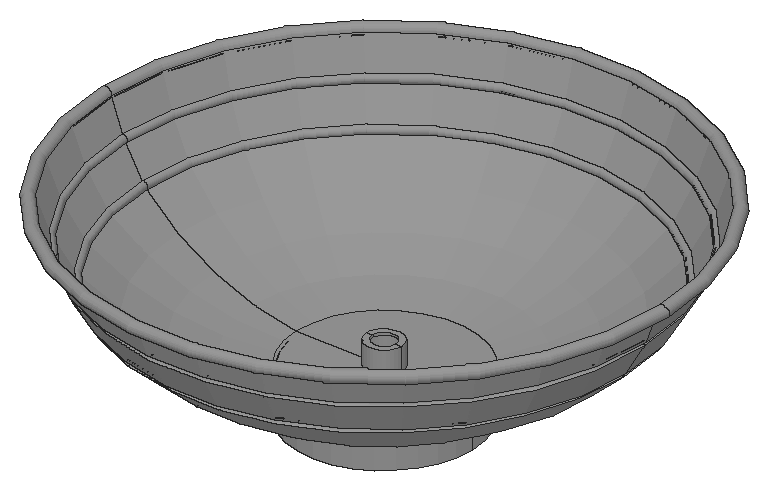
Revit family "L-FUC_식재대_YP-203B_예건", category 일반 모델, Revit 2021
Family settings
  보강 철근 호스트 가능 = 아니오
  원형 커넥터 치수 = 지름 사용
  부품 유형 = 보통
  작업 기준면 기반 = 아니오
  항상 수직 = 예
  로드될 때 보이드를 사용하여 절단 = 아니오
  공유 = 아니오
  룸 계산 점 = 아니오
Parameters
  한국산업규격KS = ""
  조달청표준공사코드-세부공종 = ""
  기본 입면도 = 0 mm
  건설정보분류체계-부위분류 = "E988"
  LIM_INFO_주의사항 = "재배포, 재가공, 판매 금지"
  LIM_INFO_제품업체 = "예건"
  LIM_INFO_제품번호 = "YF-16"
  LIM_INFO_제품명 = "펜스_YF-16"
  LIM_INFO_제작일 = "20230315"
  LIM_INFO_재료 = "Hardwood, STL-pipe, STL-plate"
  LIM_INFO_업체정보 = ""
  LIM_INFO_업체URL = "https://yekun.com/"
  LIM_INFO_업체TEL = "(+82)31-943-6114"
  LIM_INFO_업체EMAIL = "yekun@yekun.com"
  LIM_INFO_버전 = "2023_V01"
  LIM_INFO_기타정보 = ""
  LIM_INFO_규격 = "W2000 x H1800"
  LIM_INFO_가격 = 0
  LIM_INFO_PV_포장재여부 = yes
  LIM_INFO_PV_면적 = 0.00 m²
  KBIMS_식별-버전 = ""
  KBIMS_식별-bSK등록번호 = ""
  KBIMS_보급정보-저작자 = "림인포테크_MMJ"
  KBIMS_보급정보-보급코드 = ""
Reference planes
  plane 1 "중심(앞/뒤)": y = 0
  plane 2: z = 0
  plane 3 "중심(왼쪽/오른쪽)": x = 0
Dimensions and locks
  aligned and locked: level to plane 2
Nested families
  nested 1: "YP-203B_base" at (0, 0, 0), type "YP-203B_base"
Definition of nested family "YP-203B_base"
  Parameters (values of type "YP-203B_base")
    Default Elevation = 0 mm
  Reference planes
    plane 1 "중심(앞/뒤)": y = 0
    plane 2: z = 0
    plane 3 "중심(왼쪽/오른쪽)": x = 0
  Forms (mm)
    Revolve 1, solid, detail levels fine
      sketch origin (-743.433, -0.066, -102.91) x (1, 0, 0) y (0, 0, 1)
        loop
          arc (330.35, 308.187) -> (449.611, 219.695) -> (592.118, 177.91) r 422.721
          line (592.118, 177.91) -> (592.118, 102.91) -> (598.118, 102.91) -> (598.118, 177.91) -> (720.118, 177.91) -> (720.118, 179.91) -> (718.44, 179.91) -> (718.44, 216.71) -> (725.24, 216.71) -> (725.24, 219.91) -> (715.24, 219.91) -> (715.24, 179.91) -> (592.227, 179.91)
          arc (592.227, 179.91) -> (451.31, 221.085) -> (333.12, 308.171) r 420.721
          arc (333.12, 308.171) -> (333.061, 316.395) -> (325.225, 318.888) r 7
          arc (325.225, 318.888) -> (310.259, 342.543) -> (297.066, 367.232) r 381.851
          arc (297.066, 367.232) -> (298.715, 375.384) -> (291.408, 379.357) r 7
          arc (291.408, 379.357) -> (280.963, 405.327) -> (272.448, 431.992) r 381.851
          arc (272.448, 431.992) -> (252.885, 435.691) -> (271.398, 428.366) r 10
          arc (271.398, 428.366) -> (279.925, 402.33) -> (290.287, 376.969) r 383.851
          arc (290.287, 376.969) -> (296.902, 374.538) -> (294.515, 367.907) r 5
          arc (294.515, 367.907) -> (308.531, 341.537) -> (324.554, 316.336) r 383.851
          arc (324.554, 316.336) -> (331.5, 315.141) -> (330.35, 308.187) r 5
        axis (745.118, 431.992) -> (745.118, 102.91)
      angle from 0 to 360
    Revolve 2, solid, detail levels coarse+medium
      sketch origin (-745.118, -0.066, -102.91) x (1, 0, 0) y (0, 0, 1)
        loop
          line (592.227, 179.91) -> (522.506, 193.568) -> (425.849, 234.798) -> (360.222, 282.116) -> (320.288, 326.276) -> (291.408, 379.357) -> (269.915, 441.778) -> (267.799, 441.778) -> (289.571, 378.548) -> (318.645, 325.111) -> (358.881, 280.618) -> (424.859, 233.045) -> (521.915, 191.646) -> (592.227, 177.872) -> (592.227, 179.91)
        axis (745.118, 441.778) -> (745.118, 177.872)
      angle from 0 to 360
    Extrusion 3, solid, detail levels coarse+medium
      sketch origin (0, -0.066, 0) x (1, 0, 0) y (0, 1, 0)
        loop
          line (135.091, -71.829) -> (152.907, 5.34) -> (129.751, 81.078) -> (71.829, 135.091) -> (-5.34, 152.907) -> (-81.078, 129.751) -> (-135.091, 71.829) -> (-152.907, -5.34) -> (-129.751, -81.078) -> (-71.829, -135.091) -> (5.34, -152.907) -> (81.078, -129.751) -> (135.091, -71.829)
        loop
          line (129.781, -69.061) -> (146.91, 5.134) -> (124.647, 77.954) -> (68.957, 129.886) -> (-5.239, 147.015) -> (-78.058, 124.752) -> (-129.99, 69.061) -> (-147.12, -5.134) -> (-124.857, -77.954) -> (-69.166, -129.886) -> (5.029, -147.015) -> (77.849, -124.752) -> (129.781, -69.061)
      from 0 to 77
    Extrusion 4, solid, detail levels coarse+medium
      sketch origin (-1380, -0.066, 0) x (1, 0, 0) y (0, 1, 0)
        loop
          line (1374.761, 147.015) -> (1301.942, 124.752) -> (1250.01, 69.061) -> (1232.88, -5.134) -> (1255.143, -77.954) -> (1310.834, -129.886) -> (1385.029, -147.015) -> (1457.849, -124.752) -> (1509.781, -69.061) -> (1526.91, 5.134) -> (1504.647, 77.954) -> (1448.957, 129.886) -> (1374.761, 147.015)
      from 0 to 5.606
  Dimensions and locks
    aligned and locked: level to plane 2
